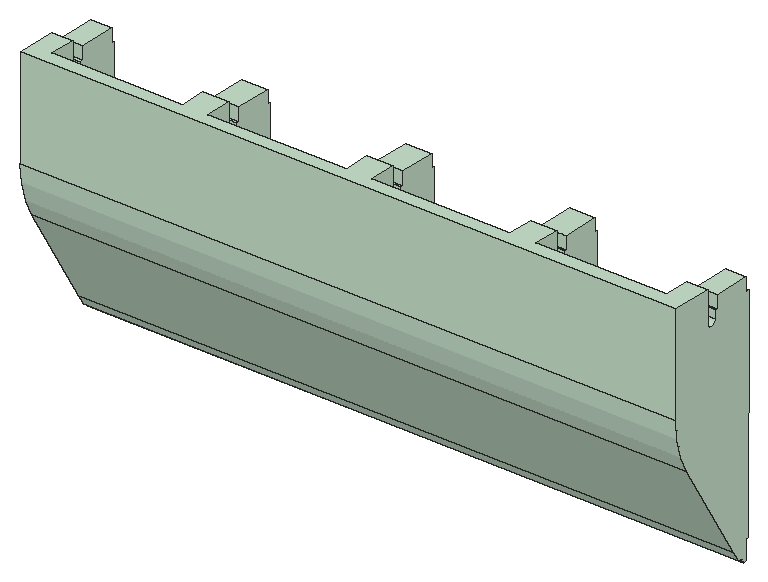
Revit family
Reference planes
  plane 1 "Center (Front/Back)": y = 0
  plane 2: z = 0
  plane 3 "Center (Left/Right)": x = 0
Forms (mm)
  Extrusion 1, solid, material "NUDURA Expanded Polystyrene Foam Insulation"
    sketch origin (0, -0.141, 0) x (0, 1, 0) y (0, 0, 1)
      loop
        line (-36.756, 327.909) -> (-54.219, 327.909) -> (-54.219, 203.751)
        arc (-54.219, 203.751) -> (-49.669, 170.235) -> (-36.35, 139.144) r 125.73
        line (-36.35, 139.144) -> (36.35, 17.774) -> (43.818, 4.88) -> (46.565, 6.472) -> (49.396, 1.584)
        arc (49.396, 1.584) -> (52.967, 0.109) -> (55.319, 3.175) r 3.175
        line (55.319, 3.175) -> (55.319, 24.696) -> (58.494, 24.696) -> (58.494, 73.486) -> (31.5, 118.552)
        arc (31.5, 118.552) -> (2.423, 175.937) -> (-23.255, 234.921) r 1101.954
        arc (-23.255, 234.921) -> (-29.61, 255.496) -> (-34.456, 276.478) r 296.469
        arc (-34.456, 276.478) -> (-36.18, 288.455) -> (-36.756, 300.541) r 127
        line (-36.756, 300.541) -> (-36.756, 327.909)
    from 0 to 812.8
  Extrusion 2, solid, material "NUDURA Expanded Polystyrene Foam Insulation"
    sketch origin (0, -0.141, 0) x (0, 1, 0) y (0, 0, 1)
      loop
        line (58.494, 73.486) -> (58.494, 299.334) -> (55.319, 299.334) -> (55.319, 315.209) -> (10.869, 315.209) -> (10.869, 299.334) -> (7.694, 299.334) -> (7.694, 289.809)
        arc (7.694, 289.809) -> (1.344, 283.459) -> (-5.006, 289.809) r 6.35
        line (-5.006, 289.809) -> (-5.006, 327.909) -> (-36.756, 327.909) -> (-36.756, 300.541)
        arc (-36.756, 300.541) -> (-36.18, 288.455) -> (-34.456, 276.478) r 127
        arc (-34.456, 276.478) -> (-29.61, 255.496) -> (-23.255, 234.921) r 296.469
        arc (-23.255, 234.921) -> (2.423, 175.937) -> (31.5, 118.552) r 1101.954
        line (31.5, 118.552) -> (58.494, 73.486)
    from 0 to 25.4
  Extrusion 3, solid, material "NUDURA Expanded Polystyrene Foam Insulation"
    sketch origin (0, -0.141, 0) x (0, 1, 0) y (0, 0, 1)
      loop
        line (58.494, 73.486) -> (58.494, 299.334) -> (55.319, 299.334) -> (55.319, 315.209) -> (10.869, 315.209) -> (10.869, 299.334) -> (7.694, 299.334) -> (7.694, 289.809)
        arc (7.694, 289.809) -> (1.344, 283.459) -> (-5.006, 289.809) r 6.35
        line (-5.006, 289.809) -> (-5.006, 327.909) -> (-36.756, 327.909) -> (-36.756, 300.541)
        arc (-36.756, 300.541) -> (-36.18, 288.455) -> (-34.456, 276.478) r 127
        arc (-34.456, 276.478) -> (-29.61, 255.496) -> (-23.255, 234.921) r 296.469
        arc (-23.255, 234.921) -> (2.423, 175.937) -> (31.5, 118.552) r 1101.954
        line (31.5, 118.552) -> (58.494, 73.486)
    from 187.325 to 219.075
  Extrusion 4, solid, material "NUDURA Expanded Polystyrene Foam Insulation"
    sketch origin (0, -0.141, 0) x (0, 1, 0) y (0, 0, 1)
      loop
        line (58.494, 73.486) -> (58.494, 299.334) -> (55.319, 299.334) -> (55.319, 315.209) -> (10.869, 315.209) -> (10.869, 299.334) -> (7.694, 299.334) -> (7.694, 289.809)
        arc (7.694, 289.809) -> (1.344, 283.459) -> (-5.006, 289.809) r 6.35
        line (-5.006, 289.809) -> (-5.006, 327.909) -> (-36.756, 327.909) -> (-36.756, 300.541)
        arc (-36.756, 300.541) -> (-36.18, 288.455) -> (-34.456, 276.478) r 127
        arc (-34.456, 276.478) -> (-29.61, 255.496) -> (-23.255, 234.921) r 296.469
        arc (-23.255, 234.921) -> (2.423, 175.937) -> (31.5, 118.552) r 1101.954
        line (31.5, 118.552) -> (58.494, 73.486)
    from 390.525 to 422.275
  Extrusion 5, solid, material "NUDURA Expanded Polystyrene Foam Insulation"
    sketch origin (0, -0.141, 0) x (0, 1, 0) y (0, 0, 1)
      loop
        line (58.494, 73.486) -> (58.494, 299.334) -> (55.319, 299.334) -> (55.319, 315.209) -> (10.869, 315.209) -> (10.869, 299.334) -> (7.694, 299.334) -> (7.694, 289.809)
        arc (7.694, 289.809) -> (1.344, 283.459) -> (-5.006, 289.809) r 6.35
        line (-5.006, 289.809) -> (-5.006, 327.909) -> (-36.756, 327.909) -> (-36.756, 300.541)
        arc (-36.756, 300.541) -> (-36.18, 288.455) -> (-34.456, 276.478) r 127
        arc (-34.456, 276.478) -> (-29.61, 255.496) -> (-23.255, 234.921) r 296.469
        arc (-23.255, 234.921) -> (2.423, 175.937) -> (31.5, 118.552) r 1101.954
        line (31.5, 118.552) -> (58.494, 73.486)
    from 593.725 to 625.475
  Extrusion 6, solid, material "NUDURA Expanded Polystyrene Foam Insulation"
    sketch origin (0, -0.141, 0) x (0, 1, 0) y (0, 0, 1)
      loop
        line (58.494, 73.486) -> (58.494, 299.334) -> (55.319, 299.334) -> (55.319, 315.209) -> (10.869, 315.209) -> (10.869, 299.334) -> (7.694, 299.334) -> (7.694, 289.809)
        arc (7.694, 289.809) -> (1.344, 283.459) -> (-5.006, 289.809) r 6.35
        line (-5.006, 289.809) -> (-5.006, 327.909) -> (-36.756, 327.909) -> (-36.756, 300.541)
        arc (-36.756, 300.541) -> (-36.18, 288.455) -> (-34.456, 276.478) r 127
        arc (-34.456, 276.478) -> (-29.61, 255.496) -> (-23.255, 234.921) r 296.469
        arc (-23.255, 234.921) -> (2.423, 175.937) -> (31.5, 118.552) r 1101.954
        line (31.5, 118.552) -> (58.494, 73.486)
    from 787.4 to 812.8
Cuts and joins
  joined: Extrusion 1, Extrusion 2, Extrusion 3, Extrusion 4, Extrusion 5, Extrusion 6
Dimensions and locks
  aligned and locked: level to plane 2
